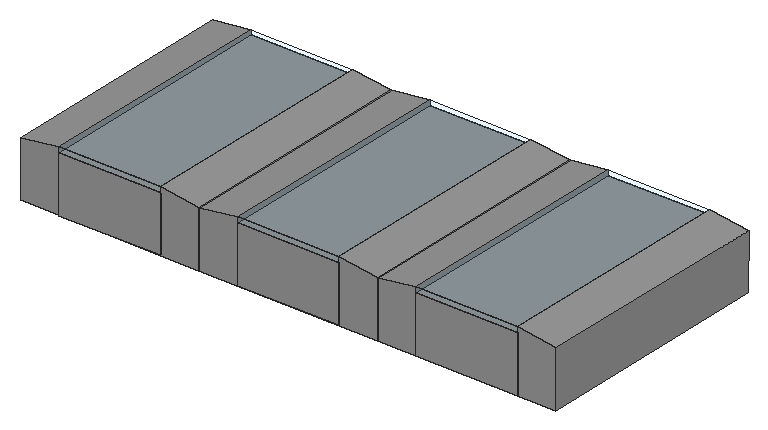
Revit family "ElectricalEquipment_Hager_TPNLighting&Power_250ATriplelMeterIncomerKits", category Electrical Equipment, host Face, Revit 2015
Parameters (values of type "JKD250TPM")
  _DistributedBy = "www.bimstore.co.uk"
  _CurrentRevision = 0
  _CreatedBy = "MajentaSolutions"
  _BimstoreBibleVersion = "V14"
  _BimSpecGuid = 0
  _Author = "MajentaSolutions"
  WarrantyStartDate [instance] = ""
  WarrantyGuarantorParts = "2"
  WarrantyGuarantorLabor = ""
  WarrantyDurationUnit = "Years"
  WarrantyDurationParts = 2
  WarrantyDurationLabor = 0
  WarrantyDescription = "See Manufacturer"
  Voltage = "230V"
  URL = "http://www.hager.co.uk/"
  TypeName = Category  # "ElectricalEquipment"
  Type Comments = Model  # "JKD250TPM"
  TagNumber [instance] = ""
  SustainabilityPerformance = ""
  Size = ""
  built-in parameter 1140080 [instance] = "16kA"
  Shape = "Rectangular"
  ServiceLifeDuration = 0
  SerialNumber [instance] = ""
  ReplacementCost = 0
  Outgoing = "63A"
  NominalWidth = 930 mm
  NominalLength = 0 mm  # constant formula
  NominalHeight = 625 mm
  NominalDepth = 165.5 mm
  Neutral Rating = 1  # 100.00%
  NBSReference = ClassificationValue  # "Pr_80_77_28_16"
  NBSOfficeMasterTag = "n/a"
  NBSObjectName = "Hager_TripleMeteredBoards_JKD250TPM"
  NBSNote = ""
  NBSDescription = Category  # "ElectricalEquipment"
  built-in parameter 1140081 [instance] = "ElectricalEquipment"
  ModelReference = ""
  ModelNumber = ""
  ModelLabel = ""
  Model = "JKD250TPM"
  Material = "MildSteel,ABS,AcousticComposite"
  ManufacturerName = Manufacturer  # "Hager"
  Manufacturer = "Hager"
  Mains Type = "AC"
  Keynote = "V"
  InstallationDate [instance] = ""
  Incoming = "125A"
  IfcExportType = ""
  IfcExportAs = "ElectricalEquipment"
  Grade = ""
  Finish = ""
  Features = Description  # "250ATripleMultiFunctionMeteredIncomer.PulsedAndModbus.SideBySide"
  ExpectedLife = 10
  EAN = "5015652600282"
  DurationUnit = "Years"
  DocumentationTechnical = "http://www.hager.co.uk/product-catalogue/energy-distribution/consumer-units/design-range-of-consumer-units/design-10/51386.htm"
  DocumentationMaintenance = ""
  DocumentationLiterature = "http://www.hager.co.uk/product-catalogue/energy-distribution/consumer-units/design-range-of-consumer-units/design-10/51386.htm"
  DocumentationInstallationGuide = ""
  DocumentationCertificates = ""
  Description = "250ATripleMultiFunctionMeteredIncomer.PulsedAndModbus.SideBySide"
  Default Elevation = 500 mm
  CreatedOn = "22.06.17"
  CreatedBy = "MajentaSolutions"
  Constituents = ""
  Colour = "RAL 9010 White Gloss"
  CodePerformance = ""
  ClassificationValue = "Pr_80_77_28_16"
  ClassificationName = "Uniclass2015"
  Category = "ElectricalEquipment"
  BarCode [instance] = ""
  BIMObjectName = "Hager_ElectricalEquipment_TripleMeteredBoards_JKD250TPM"
  AssetType = "Fixed"
  AssetIdentifier [instance] = ""
  Assembly Code = "D5010"
  AccessibilityPerformance = ""
Reference planes
  plane 1 "Center (Front/Back)": y = 0
  plane 2: z = 0
  plane 3 "Center (Left/Right)": x = 0
  plane 4: y = 312.5
  plane 5: z = 165.5
  plane 6: y = -312.5
  plane 7: z = 145.5
Forms (mm)
  Extrusion 1, solid, material "MildSteel,ABS,AcousticComposite", detail levels fine
    sketch origin (0, 0, 0) x (1, 0, 0) y (0, 0, 1)
      loop
        line (-132.5, 0) -> (132.5, 0) -> (132.5, 145.5) -> (-132.5, 145.5) -> (-132.5, 0)
    from -312.5 to 312.5
  Extrusion 2, solid, detail levels medium
    sketch origin (0, 0, 0) x (1, 0, 0) y (0, 1, 0)
      loop
        line (-232.5, 312.5) -> (-232.5, -312.5) -> (232.5, -312.5) -> (232.5, 312.5) -> (-232.5, 312.5)
    from 0 to 165.5
  Extrusion 3, solid, material "Steel-Monodraught-HTM-Polished", detail levels medium+fine
    sketch origin (0, 0, 0) x (1, 0, 0) y (0, 0, 1)
      loop
        line (-232.5, 145.5) -> (-232.5, 0) -> (232.5, 0) -> (232.5, 145.5)
        arc (232.5, 145.5) -> (182.626, 153.208) -> (132.5, 159.059) r 1359.262
        line (132.5, 159.059) -> (132.5, 145.5) -> (-132.5, 145.5) -> (-132.5, 159.059)
        arc (-132.5, 159.059) -> (-182.626, 153.208) -> (-232.5, 145.5) r 1359.262
    from -312.5 to 312.5
  Extrusion 4, solid, material "Glass", detail levels medium+fine
    sketch origin (0, 0, 0) x (1, 0, 0) y (0, 0, 1)
      loop
        line (-132.5, 145.5) -> (132.5, 145.5) -> (132.5, 159.059)
        arc (132.5, 159.059) -> (0, 165.532) -> (-132.5, 159.059) r 1359.262
        line (-132.5, 159.059) -> (-132.5, 145.5)
    from -312.5 to 312.5
  Extrusion 5, solid, material "MildSteel,ABS,AcousticComposite", detail levels fine
    sketch origin (465, 0, 0) x (1, 0, 0) y (0, 0, 1)
      loop
        line (-132.5, 0) -> (132.5, 0) -> (132.5, 145.5) -> (-132.5, 145.5) -> (-132.5, 0)
    from -312.5 to 312.5
  Extrusion 6, solid, detail levels medium
    sketch origin (465, 0, 0) x (1, 0, 0) y (0, 1, 0)
      loop
        line (-232.5, 312.5) -> (-232.5, -312.5) -> (232.5, -312.5) -> (232.5, 312.5) -> (-232.5, 312.5)
    from 0 to 165.5
  Extrusion 7, solid, material "Steel-Monodraught-HTM-Polished", detail levels medium+fine
    sketch origin (465, 0, 0) x (1, 0, 0) y (0, 0, 1)
      loop
        line (-232.5, 145.5) -> (-232.5, 0) -> (232.5, 0) -> (232.5, 145.5)
        arc (232.5, 145.5) -> (182.626, 153.208) -> (132.5, 159.059) r 1359.262
        line (132.5, 159.059) -> (132.5, 145.5) -> (-132.5, 145.5) -> (-132.5, 159.059)
        arc (-132.5, 159.059) -> (-182.626, 153.208) -> (-232.5, 145.5) r 1359.262
    from -312.5 to 312.5
  Extrusion 8, solid, material "Glass", detail levels medium+fine
    sketch origin (465, 0, 0) x (1, 0, 0) y (0, 0, 1)
      loop
        line (-132.5, 145.5) -> (132.5, 145.5) -> (132.5, 159.059)
        arc (132.5, 159.059) -> (0, 165.532) -> (-132.5, 159.059) r 1359.262
        line (-132.5, 159.059) -> (-132.5, 145.5)
    from -312.5 to 312.5
  Extrusion 9, solid, material "MildSteel,ABS,AcousticComposite", detail levels fine
    sketch origin (-465, 0, 0) x (1, 0, 0) y (0, 0, 1)
      loop
        line (-132.5, 0) -> (132.5, 0) -> (132.5, 145.5) -> (-132.5, 145.5) -> (-132.5, 0)
    from -312.5 to 312.5
  Extrusion 10, solid, detail levels medium
    sketch origin (-465, 0, 0) x (1, 0, 0) y (0, 1, 0)
      loop
        line (-232.5, 312.5) -> (-232.5, -312.5) -> (232.5, -312.5) -> (232.5, 312.5) -> (-232.5, 312.5)
    from 0 to 165.5
  Extrusion 11, solid, material "Steel-Monodraught-HTM-Polished", detail levels medium+fine
    sketch origin (-465, 0, 0) x (1, 0, 0) y (0, 0, 1)
      loop
        line (-232.5, 145.5) -> (-232.5, 0) -> (232.5, 0) -> (232.5, 145.5)
        arc (232.5, 145.5) -> (182.626, 153.208) -> (132.5, 159.059) r 1359.262
        line (132.5, 159.059) -> (132.5, 145.5) -> (-132.5, 145.5) -> (-132.5, 159.059)
        arc (-132.5, 159.059) -> (-182.626, 153.208) -> (-232.5, 145.5) r 1359.262
    from -312.5 to 312.5
  Extrusion 12, solid, material "Glass", detail levels medium+fine
    sketch origin (-465, 0, 0) x (1, 0, 0) y (0, 0, 1)
      loop
        line (-132.5, 145.5) -> (132.5, 145.5) -> (132.5, 159.059)
        arc (132.5, 159.059) -> (0, 165.532) -> (-132.5, 159.059) r 1359.262
        line (-132.5, 159.059) -> (-132.5, 145.5)
    from -312.5 to 312.5
Lines and regions (mm)
  symbolic lines, style "ElectricalEquipment"
    curve 1: line (-232.5, 0, 141.286) -> (232.5, 0, 141.286)
    curve 2: line (-232.5, 0, 0) -> (-232.5, 0, 141.286)
    curve 3: line (232.5, 0, 0) -> (-232.5, 0, 0)
    curve 4: line (232.5, 0, 141.286) -> (232.5, 0, 0)
    curve 5: line (-232.5, 0, 0) -> (232.5, 0, 141.286)
    curve 13: line (232.5, 0, 0) -> (232.5, 0, 141.286)
  model lines
    curve 6: line (-232.5, 312.5, 0) -> (-232.5, -312.5, 0)
    curve 7: line (232.5, 312.5, 0) -> (-232.5, 312.5, 0)
    curve 8: line (232.5, -312.5, 0) -> (-232.5, -312.5, 0)
    curve 9: line (-132.5, 312.5, 0) -> (-132.5, -312.5, 0)
    curve 10: line (132.5, 312.5, 0) -> (132.5, -312.5, 0)
    curve 16: line (232.5, 312.5, 0) -> (232.5, -312.5, 0)
    curve 17: line (697.5, 312.5, 0) -> (232.5, 312.5, 0)
    curve 18: line (697.5, -312.5, 0) -> (232.5, -312.5, 0)
    curve 19: line (332.5, 312.5, 0) -> (332.5, -312.5, 0)
    curve 20: line (597.5, 312.5, 0) -> (597.5, -312.5, 0)
    curve 21: line (-697.5, 312.5, 0) -> (-697.5, -312.5, 0)
    curve 22: line (-232.5, 312.5, 0) -> (-697.5, 312.5, 0)
    curve 23: line (-232.5, -312.5, 0) -> (-697.5, -312.5, 0)
    curve 24: line (-597.5, 312.5, 0) -> (-597.5, -312.5, 0)
    curve 25: line (-332.5, 312.5, 0) -> (-332.5, -312.5, 0)
  symbolic lines
    curve 11: line (-233.119, 0, 145.5) -> (-233.119, 0, 615.5)
    curve 12: arc (-233.119, 0, 615.5) -> (96.564, 0, 473.643) -> (232.5, 0, 141.474) r 474.313
    curve 14: line (231.881, 0, 145.5) -> (231.881, 0, 615.5)
    curve 15: arc (231.881, 0, 615.5) -> (561.564, 0, 473.643) -> (697.5, 0, 141.474) r 474.313
    curve 26: line (-698.119, 0, 145.5) -> (-698.119, 0, 615.5)
    curve 27: arc (-698.119, 0, 615.5) -> (-368.436, 0, 473.643) -> (-232.5, 0, 141.474) r 474.313
Dimensions and locks
  "NominalDepth": plane 5 to plane 2
  locked: plane 5 to plane 7 at 20
  equal spacing: plane 6, plane 1 "Center (Front/Back)", plane 4
  "NominalHeight": plane 6 to plane 4
  aligned and locked: plane 2 to host face
  aligned and locked: level to host face
  aligned and locked: plane 6 to Extrusion 1
  aligned and locked: Extrusion 1 to plane 4
  aligned and locked: curve 7 to plane 4
  aligned and locked: curve 8 to plane 6
  aligned and locked: Extrusion 2 sketch curve to curve 7
  aligned and locked: Extrusion 2 sketch curve to curve 6
  aligned and locked: Extrusion 2 sketch curve to curve 8
  aligned and locked: plane 5 to Extrusion 2
  aligned and locked: Extrusion 2 to level
  aligned and locked: Extrusion 3 sketch curve to plane 2
  aligned and locked: Extrusion 4 sketch curve to plane 7
  aligned and locked: plane 6 to Extrusion 4
  aligned and locked: Extrusion 4 to plane 4
  aligned and locked: Extrusion 3 to plane 4
  aligned and locked: plane 6 to Extrusion 3
  aligned and locked: Extrusion 6 sketch curve to curve 17
  aligned and locked: Extrusion 6 sketch curve to curve 16
  aligned and locked: Extrusion 6 sketch curve to curve 18
  aligned and locked: Extrusion 10 sketch curve to curve 22
  aligned and locked: Extrusion 10 sketch curve to curve 21
  aligned and locked: Extrusion 10 sketch curve to curve 23
Automatic sketch dimensions
  host sketch curve to host sketch curve = 2438.4 mm  (x2)
  curve 21 to plane 3 "Center (Left/Right)" = 697.5 mm
  curve 23 to plane 3 "Center (Left/Right)" = 232.5 mm
  plane 3 "Center (Left/Right)" to curve 7 = 232.5 mm
  curve 21 to curve 24 = 100 mm
  curve 25 to curve 22 = 100 mm
  curve 6 to curve 9 = 100 mm
  curve 10 to curve 8 = 100 mm
  curve 8 to curve 19 = 100 mm
  curve 19 to curve 20 = 265 mm
  curve 20 to curve 18 = 100 mm
  curve 20 to curve 17 = 100 mm
  Extrusion 1 sketch curve to plane 7 = 0 mm
  Extrusion 1 sketch curve to level = 0 mm
  Extrusion 1 sketch curve to plane 3 "Center (Left/Right)" = 132.5 mm
  plane 3 "Center (Left/Right)" to Extrusion 1 sketch curve = 132.5 mm
  plane 3 "Center (Left/Right)" to Extrusion 2 sketch curve = 232.5 mm
  Extrusion 3 sketch curve to Extrusion 3 sketch curve = 0 mm  (x2)
  Extrusion 3 sketch curve to plane 7 = 0 mm  (x3)
  plane 3 "Center (Left/Right)" to Extrusion 3 sketch curve = 0 mm
  Extrusion 3 sketch curve to plane 3 "Center (Left/Right)" = 132.5 mm
  Extrusion 3 sketch curve to Extrusion 3 sketch curve = 100 mm  (x2)
  Extrusion 3 sketch curve to plane 5 = 6.441 mm
  plane 3 "Center (Left/Right)" to Extrusion 3 sketch curve = 132.5 mm
  plane 3 "Center (Left/Right)" to Extrusion 4 sketch curve = 0 mm
  Extrusion 4 sketch curve to plane 3 "Center (Left/Right)" = 132.5 mm
  plane 3 "Center (Left/Right)" to Extrusion 4 sketch curve = 132.5 mm
  Extrusion 4 sketch curve to level = 1193.73 mm
  Extrusion 4 sketch curve to plane 5 = 6.441 mm
  Extrusion 5 sketch curve to plane 7 = 0 mm
  Extrusion 5 sketch curve to level = 0 mm
  plane 3 "Center (Left/Right)" to Extrusion 5 sketch curve = 332.5 mm
  Extrusion 5 sketch curve to Extrusion 5 sketch curve = 265 mm
  Extrusion 6 sketch curve to Extrusion 6 sketch curve = 465 mm
  Extrusion 7 sketch curve to Extrusion 7 sketch curve = 0 mm  (x2)
  Extrusion 7 sketch curve to level = 0 mm
  Extrusion 7 sketch curve to plane 7 = 0 mm  (x3)
  plane 3 "Center (Left/Right)" to Extrusion 7 sketch curve = 232.5 mm
  Extrusion 7 sketch curve to plane 5 = 6.441 mm  (x2)
  Extrusion 7 sketch curve to Extrusion 7 sketch curve = 100 mm
  plane 3 "Center (Left/Right)" to Extrusion 7 sketch curve = 465 mm
  Extrusion 7 sketch curve to Extrusion 7 sketch curve = 265 mm
  Extrusion 8 sketch curve to plane 7 = 0 mm
  plane 3 "Center (Left/Right)" to Extrusion 8 sketch curve = 332.5 mm
  plane 3 "Center (Left/Right)" to Extrusion 8 sketch curve = 465 mm
  Extrusion 8 sketch curve to Extrusion 8 sketch curve = 265 mm
  Extrusion 8 sketch curve to level = 1193.73 mm
  Extrusion 8 sketch curve to plane 5 = 6.441 mm
  Extrusion 9 sketch curve to plane 7 = 0 mm
  Extrusion 9 sketch curve to level = 0 mm
  Extrusion 9 sketch curve to plane 3 "Center (Left/Right)" = 597.5 mm
  Extrusion 9 sketch curve to Extrusion 9 sketch curve = 265 mm
  Extrusion 10 sketch curve to plane 3 "Center (Left/Right)" = 232.5 mm
  Extrusion 11 sketch curve to Extrusion 11 sketch curve = 0 mm  (x2)
  Extrusion 11 sketch curve to level = 0 mm
  Extrusion 11 sketch curve to plane 7 = 0 mm  (x3)
  Extrusion 11 sketch curve to plane 3 "Center (Left/Right)" = 697.5 mm
  Extrusion 11 sketch curve to plane 5 = 6.441 mm  (x2)
  Extrusion 11 sketch curve to Extrusion 11 sketch curve = 100 mm
  Extrusion 11 sketch curve to plane 3 "Center (Left/Right)" = 465 mm
  Extrusion 11 sketch curve to Extrusion 11 sketch curve = 265 mm
  Extrusion 12 sketch curve to plane 7 = 0 mm
  Extrusion 12 sketch curve to plane 3 "Center (Left/Right)" = 597.5 mm
  Extrusion 12 sketch curve to plane 3 "Center (Left/Right)" = 465 mm
  Extrusion 12 sketch curve to Extrusion 12 sketch curve = 265 mm
  Extrusion 12 sketch curve to level = 1193.73 mm
  Extrusion 12 sketch curve to plane 5 = 6.441 mm
  curve 26 to plane 7 = 0 mm
  curve 11 to plane 7 = 0 mm
  curve 5 to level = 0 mm
  curve 14 to plane 7 = 0 mm
  curve 27 to plane 7 = 4.234 mm
  curve 27 to plane 3 "Center (Left/Right)" = 706.813 mm
  curve 27 to curve 26 = 8.694 mm
  curve 12 to plane 7 = 4.234 mm
  curve 12 to plane 3 "Center (Left/Right)" = 241.813 mm
  curve 11 to plane 3 "Center (Left/Right)" = 233.119 mm
  curve 11 to curve 1 = 0.619 mm
  curve 15 to plane 7 = 4.234 mm
  plane 3 "Center (Left/Right)" to curve 15 = 223.187 mm
  plane 3 "Center (Left/Right)" to curve 14 = 231.881 mm
  curve 14 to curve 13 = 0.619 mm
  curve 5 to plane 7 = 4.214 mm
  plane 5 to curve 14 = 450 mm
  plane 5 to curve 26 = 450 mm
  plane 5 to curve 11 = 450 mm
  curve 27 to curve 1 = 0 mm
  curve 12 to curve 1 = 0 mm
  curve 15 to plane 7 = 4.026 mm
Connectors
  electrical at (0, 0, 0)
    settings: on Extrusion 2, index 1, voltage 0 V, apparent load 0 VA, apparent load phase1 0 VA, apparent load phase2 0 VA, apparent load phase3 0 VA, power factor 1, load classification "Other", number of poles 1, system type 31, power factor state 1, is connector primary yes, connector utility no, sub classification motor no, connector description ""
